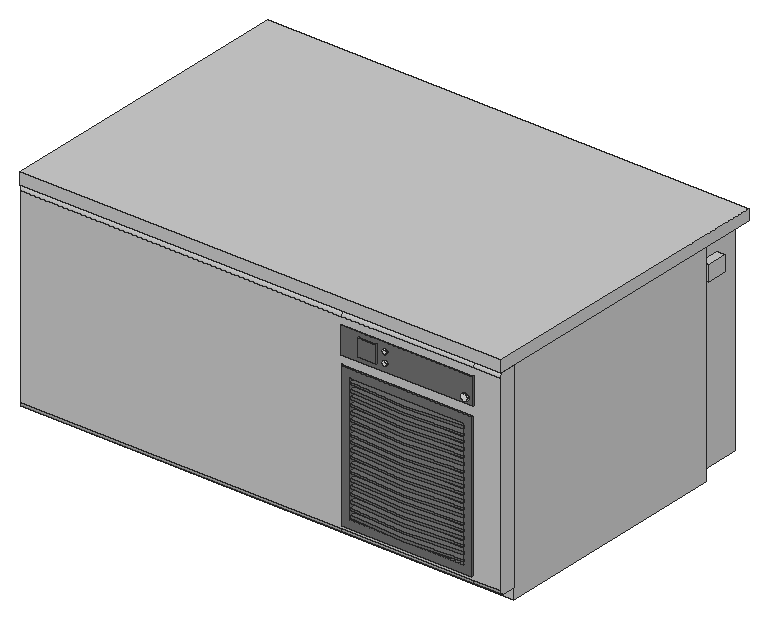
Revit family "QF_HOSHIZAKI_IM-240DSNE", category Specialty Equipment, Revit 2016
Family settings
  Part Type = Normal
  Round Connector Dimension = Use Diameter
  OmniClass Number = 23.40.40.14
  OmniClass Title = Food Service Equipment
  Work Plane-Based = No
  Always vertical = Yes
  Cut with Voids When Loaded = No
  Shared = No
  Room Calculation Point = No
Parameters (values of type "IM-240DSNE_240V/1Ph/60Hz")
  Weight = 88.00 kg
  Waste Remarks [instance] = ""
  Volts = 240 V
  URL Cutsheet = ""
  URL = "www.hoshizaki-europe.com"
  Status [instance] = ""
  Specification by User [instance] = ""
  Specification by Manufacturer [instance] = ""
  Serial Number = ""
  Seismic Rating = ""
  SMACNA No = ""
  Revision Code [instance] = ""
  Phase = 1
  Number of Poles = 2
  NAFEM Spec ID Number = ""
  Model = "IM-240DSNE"
  Min Ckt Ampacity = 0 A
  Max Overcurrent Protection = 0 A
  Masterspec = ""
  Manufacturer = "HOSHIZAKI"
  Length Actual = 1084 mm
  Item Number [instance] = ""
  Installed By [instance] = ""
  Indirect Waste Size = 19.05 mm
  Indirect Waste Connection Type [instance] = ""
  Indirect Waste Connection Height [instance] = 53 mm
  Identify Quantity as Lot [instance] = no
  Height Actual = 500 mm
  HP power = ""
  Furnished By [instance] = ""
  Foodservice Equipment Identifier [instance] = yes
  FL Amps = 20 A
  Electric power = 1330 W
  Electric Connection Type [instance] = ""
  Elec Conn RI Height [instance] = 0 mm
  Elec Conn Connection Height [instance] = 409 mm
  Direct Waste RI Height [instance] = 0 mm
  Description = "MODULAR IM ICE MAKER, 240KG PER 24 HOURS, LARGE CUBE, REMOTE CONDENSER"
  Depth Actual = 700 mm
  Cycle = 60 Hz
  Cost = 0
  Conn Plug = ""
  Conn Conduit = no
  Cold Water Temperature Recommended = 0 °C
  Cold Water Size = 19.05 mm
  Cold Water Flow = 0.0 L/s
  Cold Water Connection Height [instance] = 419 mm
  CSI MasterFormat = ""
  Assembly Code = "E1090320"
  Apparent Power = 1330 VA
  Accessory = no
Types (2, lengths in mm): name | Volts | Cycle
  IM-240DSNE_230V/1Ph/50Hz | 230 V | 50 Hz
  IM-240DSNE_240V/1Ph/60Hz | 240 V | 60 Hz
Reference planes
  plane 1 "Center (Front/Back)": y = 0
  plane 2: z = 0
  plane 3 "Center (Left/Right)": x = 0
Forms (mm)
  Extrusion 1, solid, not visible
    sketch origin (-16, -65, 418) x (1, 0, 0) y (0, 1, 0)
      loop
        line (0, 0) -> (2, 0) -> (2, 2) -> (0, 2) -> (0, 0)
    from 0 to 2
  Extrusion 2, solid, not visible
    sketch origin (-16, -213, 52) x (1, 0, 0) y (0, 1, 0)
      loop
        line (0, 0) -> (2, 0) -> (2, 2) -> (0, 2) -> (0, 0)
    from 0 to 2
  Extrusion 3, solid, not visible
    sketch origin (1073, -77, 408) x (1, 0, 0) y (0, 1, 0)
      loop
        line (0, 0) -> (2, 0) -> (2, 2) -> (0, 2) -> (0, 0)
    from 0 to 2
  Extrusion 4, solid, not visible
    sketch origin (-16, -65, 418) x (1, 0, 0) y (0, 1, 0)
      loop
        line (0, 0) -> (2, 0) -> (2, 2) -> (0, 2) -> (0, 0)
    from 0 to 2
  Extrusion 5, solid, not visible
    sketch origin (-16, -213, 52) x (1, 0, 0) y (0, 1, 0)
      loop
        line (0, 0) -> (2, 0) -> (2, 2) -> (0, 2) -> (0, 0)
    from 0 to 2
  Extrusion 6, solid, not visible
    sketch origin (1073, -77, 408) x (1, 0, 0) y (0, 1, 0)
      loop
        line (0, 0) -> (2, 0) -> (2, 2) -> (0, 2) -> (0, 0)
    from 0 to 2
Dimensions and locks
  aligned and locked: level to plane 2
Nested families
  nested 1: "QF_HOSHIZAKI_IM-240DSNE_230V_1Ph_50Hz" at (0, 0, 0), type "IM-240DSNE_230V/1Ph/50Hz"
    with Show Clearance yes
Connectors
  piping at (-15, -63, 419), diameter 19.05, driven by "Cold Water Size", driven by "Cold Water Flow"
    settings: on Extrusion 1, index 1, connector inside diameter 609.6 mm, connector length 0 mm, flow factor 0, pipe flow 0.0 L/s, pressure drop 0.0 Pa, fitting loss kfactor 0, connector angle 0.00°, fixture units 0, engagement length 0 mm, angle of deflection 0.00°, flow configuration 1, flow direction 1, fitting loss method 0, system type 20, joint type 0, gender type 0, connector reference index -1, connector utility 0, adjustable connector no, is connector primary yes, connector description "Cold Water connection for 'IM-240DSNE'"
  piping at (-15, -211, 53), diameter 19.05, driven by "Indirect Waste Size"
    settings: on Extrusion 2, index 2, connector inside diameter 609.6 mm, connector length 0 mm, flow factor 0, pipe flow 0.0 L/s, pressure drop 0.0 Pa, fitting loss kfactor 0, connector angle 0.00°, fixture units 0, engagement length 0 mm, angle of deflection 0.00°, flow configuration 1, flow direction 2, fitting loss method 0, system type 16, joint type 0, gender type 0, connector reference index -1, connector utility 0, adjustable connector no, is connector primary no, connector description "Drain connection for 'IM-240DSNE'"
  electrical at (1074, -75, 409), driven by "Apparent Power", driven by "Number of Poles", driven by "Volts"
    settings: on Extrusion 3, index 3, voltage 240 V, apparent load 0 VA, apparent load phase1 1330 VA, apparent load phase2 0 VA, apparent load phase3 0 VA, power factor 1, load classification "Other", number of poles 2, system type 31, power factor state 1, is connector primary yes, connector utility no, sub classification motor no, connector description "Electric connection for 'IM-240DSNE'"
  piping at (-15, -63, 419), diameter 19.05, driven by "Cold Water Size", driven by "Cold Water Flow"
    settings: on Extrusion 4, index 4, connector inside diameter 609.6 mm, connector length 0 mm, flow factor 0, pipe flow 0.0 L/s, pressure drop 0.0 Pa, fitting loss kfactor 0, connector angle 0.00°, fixture units 0, engagement length 0 mm, angle of deflection 0.00°, flow configuration 1, flow direction 1, fitting loss method 0, system type 20, joint type 0, gender type 0, connector reference index -1, connector utility 0, adjustable connector no, is connector primary no, connector description "Cold Water connection for 'IM-240DSNE'"
  piping at (-15, -211, 53), diameter 19.05, driven by "Indirect Waste Size"
    settings: on Extrusion 5, index 5, connector inside diameter 609.6 mm, connector length 0 mm, flow factor 0, pipe flow 0.0 L/s, pressure drop 0.0 Pa, fitting loss kfactor 0, connector angle 0.00°, fixture units 0, engagement length 0 mm, angle of deflection 0.00°, flow configuration 1, flow direction 2, fitting loss method 0, system type 16, joint type 0, gender type 0, connector reference index -1, connector utility 0, adjustable connector no, is connector primary no, connector description "Drain connection for 'IM-240DSNE'"
  electrical at (1074, -75, 409), driven by "Apparent Power", driven by "Number of Poles", driven by "Volts"
    settings: on Extrusion 6, index 6, voltage 240 V, apparent load 0 VA, apparent load phase1 1330 VA, apparent load phase2 0 VA, apparent load phase3 0 VA, power factor 1, load classification "Other", number of poles 2, system type 31, power factor state 1, is connector primary no, connector utility no, sub classification motor no, connector description "Electric connection for 'IM-240DSNE'"
Definition of nested family "QF_HOSHIZAKI_IM-240DSNE_230V_1Ph_50Hz"
  Parameters (values of type "IM-240DSNE_230V/1Ph/50Hz")
    Width = 1084 mm
    URL = "www.hoshizaki-europe.com"
    Show Clearance [instance] = yes
    Model = "IM-240DSNE"
    Manufacturer = "HOSHIZAKI"
    Height = 500 mm
    Description = "MODULAR IM ICE MAKER, 240KG PER 24 HOURS, LARGE CUBE, REMOTE CONDENSER"
    Depth = 700 mm
    Assembly Code = "E1090320"
  Types (31, lengths in mm): name | Width | Model | Height | Description | Depth
    IM-240DNE-HC | 1084 | "IM-240DNE-HC" | 500 | "EMERALD CLASS IM HYDROCARBON ICE MAKER, 210KG PER 24 HOURS, LARGE CUBE, MODULAR - HORIZONTAL" | 700
    IM-240XNE-HC | 1084 | "IM-240XNE-HC" | 500 | "EMERALD CLASS IM HYDROCARBON ICE MAKER, 210KG PER 24 HOURS, LARGE CUBE, MODULAR - EXTENSION" | 700
    IM-240DNE | 1084 | "IM-240DNE" | 500 | "MODULAR IM ICE MAKER, 240KG PER 24 HOURS, LARGE CUBE, MODULAR - HORIZONTAL" | 700
    IM-240DNE-21 | 1084 | "IM-240DNE-21" | 500 | "MODULAR IM ICE MAKER, 240KG PER 24 HOURS, EXTRA SMALL CUBE, MODULAR - HORIZONTAL" | 700
    IM-240DNE-23 | 1084 | "IM-240DNE-23" | 500 | "MODULAR IM ICE MAKER, 240KG PER 24 HOURS, MEDIUM CUBE, MODULAR - HORIZONTAL" | 700
    IM-240DNE-32 | 1084 | "IM-240DNE-32" | 500 | "MODULAR IM ICE MAKER, 240KG PER 24 HOURS, EXTRA LARGE CUBE, MODULAR - HORIZONTAL" | 700
    IM-240DSNE_230V/1Ph/50Hz | 1084 | "IM-240DSNE" | 500 | "MODULAR IM ICE MAKER, 240KG PER 24 HOURS, LARGE CUBE, REMOTE CONDENSER" | 700
    IM-240DSNE-23 | 1084 | "IM-240DSNE-23" | 500 | "MODULAR IM ICE MAKER, 240KG PER 24 HOURS, MEDIUM CUBE, REMOTE CONDENSER" | 700
    IM-240DWNE | 1084 | "IM-240DWNE" | 500 | "MODULAR IM ICE MAKER, 240KG PER 24 HOURS, LARGE CUBE, MODULAR - HORIZONTAL, WATER COOLED" | 700
    IM-240DWNE-21 | 1084 | "IM-240DWNE-21" | 500 | "MODULAR IM ICE MAKER, 240KG PER 24 HOURS, EXTRA SMALL CUBE, MODULAR - HORIZONTAL, WATER COOLED" | 700
    IM-240DWNE-23 | 1084 | "IM-240DWNE-23" | 500 | "MODULAR IM ICE MAKER, 240KG PER 24 HOURS, MEDIUM CUBE, MODULAR - HORIZONTAL, WATER COOLED" | 700
    IM-240DWNE-32 | 1084 | "IM-240DWNE-32" | 500 | "MODULAR IM ICE MAKER, 240KG PER 24 HOURS, EXTRA LARGE CUBE, MODULAR - HORIZONTAL, WATER COOLED" | 700
    IM-240XNE | 1084 | "IM-240XNE" | 500 | "MODULAR IM ICE MAKER, 240KG PER 24 HOURS, LARGE CUBE, MODULAR - EXTENSION" | 700
    IM-240XNE-21 | 1084 | "IM-240XNE-21" | 500 | "MODULAR IM ICE MAKER, 240KG PER 24 HOURS, EXTRA SMALL CUBE, MODULAR - EXTENSION" | 700
    IM-240XNE-23 | 1084 | "IM-240XNE-23" | 500 | "MODULAR IM ICE MAKER, 240KG PER 24 HOURS, MEDIUM CUBE, MODULAR - EXTENSION" | 700
    IM-240XNE-32 | 1084 | "IM-240XNE-32" | 500 | "MODULAR IM ICE MAKER, 240KG PER 24 HOURS, EXTRA LARGE CUBE, MODULAR - EXTENSION" | 700
    IM-240XSNE | 1084 | "IM-240XSNE" | 500 | "MODULAR IM ICE MAKER, 240KG PER 24 HOURS, LARGE CUBE, MODULAR - EXTENSION, REMOTE CONDENSER" | 700
    IM-240XSNE-23 | 1084 | "IM-240XSNE-23" | 500 | "MODULAR IM ICE MAKER, 240KG PER 24 HOURS, MEDIUM CUBE, MODULAR - EXTENSION, REMOTE CONDENSER" | 700
    IM-240XWNE | 1084 | "IM-240XWNE" | 500 | "MODULAR IM ICE MAKER, 240KG PER 24 HOURS, LARGE CUBE, MODULAR - EXTENSION, WATER COOLED" | 700
    IM-240XWNE-21 | 1084 | "IM-240XWNE-21" | 500 | "MODULAR IM ICE MAKER, 240KG PER 24 HOURS, EXTRA SMALL CUBE, MODULAR - EXTENSION, WATER COOLED" | 700
    IM-240XWNE-23 | 1084 | "IM-240XWNE-23" | 500 | "MODULAR IM ICE MAKER, 240KG PER 24 HOURS, MEDIUM CUBE, MODULAR - EXTENSION, WATER COOLED" | 700
    IM-240XWNE-32 | 1084 | "IM-240XWNE-32" | 500 | "MODULAR IM ICE MAKER, 240KG PER 24 HOURS, EXTRA LARGE CUBE, MODULAR - EXTENSION, WATER COOLED" | 700
    IM-240DNE-C | 1084 | "IM-240DNE-C" | 500 | "IM CYLINDER ICE MAKER, 240KG PER 24 HOURS, CYLINDER ICE, MODULAR - HORIZONTAL" | 700
    IM-240DWNE-C | 1084 | "IM-240DWNE-C" | 500 | "IM CYLINDER ICE MAKER, 240KG PER 24 HOURS, CYLINDER ICE, MODULAR - HORIZONTAL, WATER COOLED" | 700
    IM-240XNE-C | 1084 | "IM-240XNE-C" | 500 | "IM CYLINDER ICE MAKER, 240KG PER 24 HOURS, CYLINDER ICE, MODULAR - EXTENSION" | 700
    IM-240XWNE-C | 1084 | "IM-240XWNE-C" | 500 | "IM CYLINDER ICE MAKER, 240KG PER 24 HOURS, CYLINDER ICE, MODULAR - EXTENSION, WATER COOLED" | 700
    IM-240DNE-HC-23 | 1084 | "IM-240DNE-HC-23" | 500 | "EMERALD CLASS IM HYDROCARBON ICE MAKER, 180KG PER 24 HOURS, MEDIUM CUBE, MODULAR - EXTENSION" | 700
    IM-240DNE-HC-32 | 1084 | "IM-240DNE-HC-32" | 500 | "EMERALD CLASS IM HYDROCARBON ICE MAKER, 190KG PER 24 HOURS, EXTRA LARGE CUBE, MODULAR - EXTENSION" | 700
    IM-240XNE-HC-23 | 1082 | "IM-240XNE-HC-23" | 485 | "EMERALD CLASS IM HYDROCARBON ICE MAKER, 180KG PER 24 HOURS, MEDIUM CUBE, MODULAR - EXTENSION" | 697
    IM-240XNE-HC-32 | 1082 | "IM-240XNE-HC-32" | 485 | "EMERALD CLASS IM HYDROCARBON ICE MAKER, 190KG PER 24 HOURS, EXTRA LARGE CUBE, MODULAR - EXTENSION" | 697
    IM-240DNE-HC-21 | 1084 | "IM-240DNE-HC-21" | 500 | "EMERALD CLASS IM HYDROCARBON ICE MAKER, 205KG PER 24 HOURS, EXTRA SMALL CUBE, MODULAR - EXTENSION" | 700
  Reference planes
    plane 1 "Back": y = 0
    plane 2: z = 0
    plane 3 "Left": x = 0
    plane 4 "Right": x = 1084
    plane 5 "Front": y = -700
    plane 6 "Top": z = 500
    plane 7: y = -702
    plane 8: z = 488
  Forms (mm)
    Extrusion 1, solid
      sketch origin (166.25, -249, 193) x (0, 1, 0) y (0, 0, 1)
        loop
          line (-414, -170) -> (-414, 280) -> (-441, 280)
          arc (-441, 280) -> (-448.071, 277.071) -> (-451, 270) r 10
          line (-451, 270) -> (-451, -160)
          arc (-451, -160) -> (-448.071, -167.071) -> (-441, -170) r 10
          line (-441, -170) -> (-414, -170)
      from 559.75 to -166.25
    Extrusion 2, solid
      sketch origin (-20, -211, 53) x (0, 1, 0) y (0, 0, 1)
        loop
          circle (0, 0) r 14
        loop
          circle (0, 0) r 12
      from 0 to 20
    Extrusion 3, solid
      sketch origin (-16, -63, 419) x (0, 1, 0) y (0, 0, 1)
        loop
          circle (0, 0) r 14
        loop
          circle (0, 0) r 12
      from 0 to 16
    Extrusion 4, solid
      sketch origin (1024, -249, 193) x (0, 1, 0) y (0, 0, 1)
        loop
          line (-414, -170) -> (-414, 280) -> (-441, 280)
          arc (-441, 280) -> (-448.071, 277.071) -> (-451, 270) r 10
          line (-451, 270) -> (-451, -160)
          arc (-451, -160) -> (-448.071, -167.071) -> (-441, -170) r 10
          line (-441, -170) -> (-414, -170)
      from 0 to 60
    Extrusion 5, solid
      sketch origin (726, -249, 193) x (0, 1, 0) y (0, 0, 1)
        loop
          line (-414, -170) -> (-414, -153) -> (-451, -153) -> (-451, -160)
          arc (-451, -160) -> (-448.071, -167.071) -> (-441, -170) r 10
          line (-441, -170) -> (-414, -170)
        loop
          line (-451, 270) -> (-451, 174) -> (-414, 174) -> (-414, 280) -> (-441, 280)
          arc (-441, 280) -> (-448.071, 277.071) -> (-451, 270) r 10
      from 0 to 298
    Extrusion 6, solid
      sketch origin (568.75, -852, 28) x (1, 0, 0) y (0, 0, 1)
        loop
          line (159.25, 337) -> (159.25, 14) -> (453.25, 14) -> (453.25, 337) -> (159.25, 337)
        loop
          line (177.25, 319) -> (177.25, 32) -> (435.25, 32) -> (435.25, 319) -> (177.25, 319)
      from -150 to -160
    Extrusion 7, solid
      sketch origin (568.75, -249, 170) x (1, 0, 0) y (0, 1, 0)
        loop
          line (177.25, -443) -> (177.25, -454.474)
          arc (177.25, -454.474) -> (306.295, -461.632) -> (435.25, -453) r 1057.927
          line (435.25, -453) -> (435.25, -443) -> (177.25, -443)
      from 0 to 5
    Extrusion 8, solid
      sketch origin (568.75, -249, 185) x (1, 0, 0) y (0, 1, 0)
        loop
          line (177.25, -443) -> (177.25, -454.474)
          arc (177.25, -454.474) -> (306.295, -461.632) -> (435.25, -453) r 1057.927
          line (435.25, -453) -> (435.25, -443) -> (177.25, -443)
      from 0 to 5
    Extrusion 9, solid
      sketch origin (568.75, -249, 200) x (1, 0, 0) y (0, 1, 0)
        loop
          line (177.25, -443) -> (177.25, -454.474)
          arc (177.25, -454.474) -> (306.295, -461.632) -> (435.25, -453) r 1057.927
          line (435.25, -453) -> (435.25, -443) -> (177.25, -443)
      from 0 to 5
    Extrusion 10, solid
      sketch origin (568.75, -249, 215) x (1, 0, 0) y (0, 1, 0)
        loop
          line (177.25, -443) -> (177.25, -454.474)
          arc (177.25, -454.474) -> (306.295, -461.632) -> (435.25, -453) r 1057.927
          line (435.25, -453) -> (435.25, -443) -> (177.25, -443)
      from 0 to 5
    Extrusion 11, solid
      sketch origin (568.75, -249, 230) x (1, 0, 0) y (0, 1, 0)
        loop
          line (177.25, -443) -> (177.25, -454.474)
          arc (177.25, -454.474) -> (306.295, -461.632) -> (435.25, -453) r 1057.927
          line (435.25, -453) -> (435.25, -443) -> (177.25, -443)
      from 0 to 5
    Extrusion 12, solid
      sketch origin (568.75, -249, 245) x (1, 0, 0) y (0, 1, 0)
        loop
          line (177.25, -443) -> (177.25, -454.474)
          arc (177.25, -454.474) -> (306.295, -461.632) -> (435.25, -453) r 1057.927
          line (435.25, -453) -> (435.25, -443) -> (177.25, -443)
      from 0 to 5
    Extrusion 13, solid
      sketch origin (568.75, -249, 260) x (1, 0, 0) y (0, 1, 0)
        loop
          line (177.25, -443) -> (177.25, -454.474)
          arc (177.25, -454.474) -> (306.295, -461.632) -> (435.25, -453) r 1057.927
          line (435.25, -453) -> (435.25, -443) -> (177.25, -443)
      from 0 to 5
    Extrusion 14, solid
      sketch origin (568.75, -249, 275) x (1, 0, 0) y (0, 1, 0)
        loop
          line (177.25, -443) -> (177.25, -454.474)
          arc (177.25, -454.474) -> (306.295, -461.632) -> (435.25, -453) r 1057.927
          line (435.25, -453) -> (435.25, -443) -> (177.25, -443)
      from 0 to 5
    Extrusion 15, solid
      sketch origin (568.75, -249, 290) x (1, 0, 0) y (0, 1, 0)
        loop
          line (177.25, -443) -> (177.25, -454.474)
          arc (177.25, -454.474) -> (306.295, -461.632) -> (435.25, -453) r 1057.927
          line (435.25, -453) -> (435.25, -443) -> (177.25, -443)
      from 0 to 5
    Extrusion 16, solid
      sketch origin (568.75, -249, 305) x (1, 0, 0) y (0, 1, 0)
        loop
          line (177.25, -443) -> (177.25, -454.474)
          arc (177.25, -454.474) -> (306.295, -461.632) -> (435.25, -453) r 1057.927
          line (435.25, -453) -> (435.25, -443) -> (177.25, -443)
      from 0 to 5
    Extrusion 17, solid
      sketch origin (568.75, -249, 320) x (1, 0, 0) y (0, 1, 0)
        loop
          line (177.25, -443) -> (177.25, -454.474)
          arc (177.25, -454.474) -> (306.295, -461.632) -> (435.25, -453) r 1057.927
          line (435.25, -453) -> (435.25, -443) -> (177.25, -443)
      from 0 to 5
    Extrusion 18, solid
      sketch origin (568.75, -249, 335) x (1, 0, 0) y (0, 1, 0)
        loop
          line (177.25, -443) -> (177.25, -454.474)
          arc (177.25, -454.474) -> (306.295, -461.632) -> (435.25, -453) r 1057.927
          line (435.25, -453) -> (435.25, -443) -> (177.25, -443)
      from 0 to 5
    Extrusion 19, solid
      sketch origin (568.75, -249, 110) x (1, 0, 0) y (0, 1, 0)
        loop
          line (177.25, -443) -> (177.25, -454.474)
          arc (177.25, -454.474) -> (306.295, -461.632) -> (435.25, -453) r 1057.927
          line (435.25, -453) -> (435.25, -443) -> (177.25, -443)
      from 0 to 5
    Extrusion 20, solid
      sketch origin (568.75, -249, 125) x (1, 0, 0) y (0, 1, 0)
        loop
          line (177.25, -443) -> (177.25, -454.474)
          arc (177.25, -454.474) -> (306.295, -461.632) -> (435.25, -453) r 1057.927
          line (435.25, -453) -> (435.25, -443) -> (177.25, -443)
      from 0 to 5
    Extrusion 21, solid
      sketch origin (568.75, -249, 140) x (1, 0, 0) y (0, 1, 0)
        loop
          line (177.25, -443) -> (177.25, -454.474)
          arc (177.25, -454.474) -> (306.295, -461.632) -> (435.25, -453) r 1057.927
          line (435.25, -453) -> (435.25, -443) -> (177.25, -443)
      from 0 to 5
    Extrusion 22, solid
      sketch origin (568.75, -249, 155) x (1, 0, 0) y (0, 1, 0)
        loop
          line (177.25, -443) -> (177.25, -454.474)
          arc (177.25, -454.474) -> (306.295, -461.632) -> (435.25, -453) r 1057.927
          line (435.25, -453) -> (435.25, -443) -> (177.25, -443)
      from 0 to 5
    Extrusion 23, solid
      sketch origin (568.75, -249, 65) x (1, 0, 0) y (0, 1, 0)
        loop
          line (177.25, -443) -> (177.25, -454.474)
          arc (177.25, -454.474) -> (306.295, -461.632) -> (435.25, -453) r 1057.927
          line (435.25, -453) -> (435.25, -443) -> (177.25, -443)
      from 0 to 5
    Extrusion 24, solid
      sketch origin (568.75, -249, 80) x (1, 0, 0) y (0, 1, 0)
        loop
          line (177.25, -443) -> (177.25, -454.474)
          arc (177.25, -454.474) -> (306.295, -461.632) -> (435.25, -453) r 1057.927
          line (435.25, -453) -> (435.25, -443) -> (177.25, -443)
      from 0 to 5
    Extrusion 25, solid
      sketch origin (568.75, -249, 95) x (1, 0, 0) y (0, 1, 0)
        loop
          line (177.25, -443) -> (177.25, -454.474)
          arc (177.25, -454.474) -> (306.295, -461.632) -> (435.25, -453) r 1057.927
          line (435.25, -453) -> (435.25, -443) -> (177.25, -443)
      from 0 to 5
    Extrusion 26, solid
      sketch origin (0, -700, -10) x (1, 0, 0) y (0, 0, 1)
        loop
          line (726, 397) -> (1024, 397) -> (1024, 457) -> (726, 457) -> (726, 397)
      from 0 to 2
    Extrusion 27, solid
      sketch origin (0, -702, 0) x (1, 0, 0) y (0, 0, 1)
        loop
          line (766.139, 436.277) -> (766.139, 396.277) -> (806.139, 396.277) -> (806.139, 436.277) -> (766.139, 436.277)
      from 0 to 2
    Extrusion 28, solid
      sketch origin (0, -702, 0) x (1, 0, 0) y (0, 0, 1)
        loop
          circle (825.63, 428.086) r 5
        loop
          circle (825.63, 404.468) r 5
      from 0 to 2
    Extrusion 29, solid
      sketch origin (0, -702, 0) x (1, 0, 0) y (0, 0, 1)
        loop
          circle (1006.481, 399.95) r 7.5
      from 3 to 0
    Extrusion 30, solid
      sketch origin (0, 0, 0) x (1, 0, 0) y (0, 1, 0)
        loop
          line (0, 0) -> (0, -663) -> (1084, -663) -> (1084, -120) -> (1054, -120) -> (1054, 0) -> (0, 0)
      from 0 to 475
    Extrusion 31, solid
      sketch origin (0, 0, 0) x (1, 0, 0) y (0, 1, 0)
        loop
          line (0, 0) -> (0, -700) -> (1084, -700) -> (1084, 0) -> (0, 0)
      from 500 to 475
    Extrusion 32, solid
      sketch origin (1254, 1.923, 57.766) x (0, 1, 0) y (0, 0, 1)
        loop
          line (-101.026, 368.734) -> (-101.026, 333.734) -> (-54.923, 333.734) -> (-54.923, 368.734) -> (-101.026, 368.734)
      from -180 to -200
  Cuts and joins
    joined: Extrusion 1, Extrusion 4, Extrusion 5
  Lines and regions (mm)
    symbolic lines
      curve 1: line (0, 0, 0) -> (1084, 0, 0)
      curve 2: line (0, -700, 0) -> (0, 0, 0)
      curve 3: line (1084, -700, 0) -> (0, -700, 0)
      curve 4: line (1084, 0, 0) -> (1084, -700, 0)
      curve 5: line (-16, -49, 0) -> (0, -49, 0)
      curve 6: line (-16, -49, 0) -> (-16, -77, 0)
      curve 7: line (-16, -77, 0) -> (0, -77, 0)
      curve 8: line (-20, -197, 0) -> (0, -197, 0)
      curve 9: line (-20, -197, 0) -> (-20, -225, 0)
      curve 10: line (-20, -225, 0) -> (0, -225, 0)
  Dimensions and locks
    plane 5 "Front" to Extrusion 30 = 700 mm
    locked: Extrusion 30 sketch curve to curve 4 at 30
    locked: Extrusion 30 to Extrusion 32 at 20
    "Width": plane 4 "Right" to plane 3 "Left"
    locked: Extrusion 28 to Extrusion 27 at 2
    locked: plane 5 "Front" to Extrusion 26 at 2
    Extrusion 29 to Extrusion 28 = 0 mm
    locked: plane 5 "Front" to Extrusion 6 at 8
    locked: plane 7 to plane 5 "Front" at 2
    "Depth": plane 5 "Front" to plane 1 "Back"
    locked: plane 5 "Front" to Extrusion 29 at 5
    locked: Extrusion 31 to plane 6 "Top" at 25
    cut or joined group of Extrusion 1, Extrusion 4, Extrusion 5 to plane 8 to plane 6 "Top" = 15 mm, 12 mm
    "Height": plane 6 "Top" to level
    aligned and locked: level to plane 2
    aligned and locked: Extrusion 31 to plane 4 "Right"
    aligned and locked: Extrusion 32 to Extrusion 30
    aligned and locked: Extrusion 4 to plane 4 "Right"
    aligned and locked: Extrusion 4 to Extrusion 5  (x2)
    aligned and locked: plane 4 "Right" to curve 4
    aligned and locked: Extrusion 31 to plane 5 "Front"
    aligned and locked: Extrusion 1 sketch curve to plane 5 "Front"
    aligned and locked: Extrusion 27 to Extrusion 26
    aligned and locked: plane 5 "Front" to Extrusion 26
    aligned and locked: Extrusion 28 to Extrusion 26
    aligned and locked: plane 7 to Extrusion 6
    aligned and locked: Extrusion 29 to Extrusion 26
    aligned and locked: plane 6 "Top" to Extrusion 31
    aligned and locked: Extrusion 30 to Extrusion 31
  Automatic sketch dimensions
    Extrusion 2 sketch curve to Extrusion 2 sketch curve = 0 mm  (x2)
    level to Extrusion 2 sketch curve = 53 mm
    plane 1 "Back" to Extrusion 2 sketch curve = 211 mm
    Extrusion 3 sketch curve to Extrusion 3 sketch curve = 0 mm  (x2)
    plane 1 "Back" to Extrusion 3 sketch curve = 63 mm
    Extrusion 3 sketch curve to plane 6 "Top" = 81 mm
    Extrusion 4 sketch curve to plane 5 "Front" = 0 mm
    Extrusion 4 sketch curve to Extrusion 4 sketch curve = 10 mm
    plane 5 "Front" to Extrusion 4 sketch curve = 10 mm
    Extrusion 4 sketch curve to Extrusion 4 sketch curve = 27 mm
    level to Extrusion 4 sketch curve = 23 mm
    Extrusion 4 sketch curve to plane 6 "Top" = 37 mm
    Extrusion 5 sketch curve to plane 5 "Front" = 0 mm  (x2)
    plane 5 "Front" to Extrusion 5 sketch curve = 10 mm  (x2)
    Extrusion 5 sketch curve to Extrusion 5 sketch curve = 27 mm  (x2)
    level to Extrusion 5 sketch curve = 23 mm
    Extrusion 5 sketch curve to Extrusion 5 sketch curve = 7 mm
    Extrusion 5 sketch curve to plane 6 "Top" = 133 mm
    Extrusion 5 sketch curve to plane 6 "Top" = 37 mm
    level to Extrusion 6 sketch curve = 42 mm
    plane 4 "Right" to Extrusion 6 sketch curve = 356 mm
    Extrusion 6 sketch curve to Extrusion 6 sketch curve = 18 mm  (x4)
    plane 4 "Right" to Extrusion 6 sketch curve = 80 mm
    Extrusion 6 sketch curve to plane 6 "Top" = 153 mm
    plane 5 "Front" to Extrusion 7 sketch curve = 8 mm
    plane 4 "Right" to Extrusion 7 sketch curve = 338 mm
    plane 4 "Right" to Extrusion 7 sketch curve = 215 mm
    plane 4 "Right" to Extrusion 7 sketch curve = 80 mm
    Extrusion 7 sketch curve to plane 5 "Front" = 2 mm
    Extrusion 7 sketch curve to Extrusion 7 sketch curve = 11.474 mm
    plane 5 "Front" to Extrusion 8 sketch curve = 8 mm
    plane 4 "Right" to Extrusion 8 sketch curve = 338 mm
    plane 4 "Right" to Extrusion 8 sketch curve = 215 mm
    plane 4 "Right" to Extrusion 8 sketch curve = 80 mm
    Extrusion 8 sketch curve to plane 5 "Front" = 2 mm
    Extrusion 8 sketch curve to Extrusion 8 sketch curve = 11.474 mm
    plane 5 "Front" to Extrusion 9 sketch curve = 8 mm
    plane 4 "Right" to Extrusion 9 sketch curve = 338 mm
    plane 4 "Right" to Extrusion 9 sketch curve = 215 mm
    plane 4 "Right" to Extrusion 9 sketch curve = 80 mm
    Extrusion 9 sketch curve to plane 5 "Front" = 2 mm
    Extrusion 9 sketch curve to Extrusion 9 sketch curve = 11.474 mm
    plane 5 "Front" to Extrusion 10 sketch curve = 8 mm
    plane 4 "Right" to Extrusion 10 sketch curve = 338 mm
    plane 4 "Right" to Extrusion 10 sketch curve = 215 mm
    plane 4 "Right" to Extrusion 10 sketch curve = 80 mm
    Extrusion 10 sketch curve to plane 5 "Front" = 2 mm
    Extrusion 10 sketch curve to Extrusion 10 sketch curve = 11.474 mm
    plane 5 "Front" to Extrusion 11 sketch curve = 8 mm
    plane 4 "Right" to Extrusion 11 sketch curve = 338 mm
    plane 4 "Right" to Extrusion 11 sketch curve = 215 mm
    plane 4 "Right" to Extrusion 11 sketch curve = 80 mm
    Extrusion 11 sketch curve to plane 5 "Front" = 2 mm
    Extrusion 11 sketch curve to Extrusion 11 sketch curve = 11.474 mm
    plane 5 "Front" to Extrusion 12 sketch curve = 8 mm
    plane 4 "Right" to Extrusion 12 sketch curve = 338 mm
    plane 4 "Right" to Extrusion 12 sketch curve = 215 mm
    plane 4 "Right" to Extrusion 12 sketch curve = 80 mm
    Extrusion 12 sketch curve to plane 5 "Front" = 2 mm
    Extrusion 12 sketch curve to Extrusion 12 sketch curve = 11.474 mm
    plane 5 "Front" to Extrusion 13 sketch curve = 8 mm
    plane 4 "Right" to Extrusion 13 sketch curve = 338 mm
    plane 4 "Right" to Extrusion 13 sketch curve = 215 mm
    plane 4 "Right" to Extrusion 13 sketch curve = 80 mm
    Extrusion 13 sketch curve to plane 5 "Front" = 2 mm
    Extrusion 13 sketch curve to Extrusion 13 sketch curve = 11.474 mm
    plane 5 "Front" to Extrusion 14 sketch curve = 8 mm
    plane 4 "Right" to Extrusion 14 sketch curve = 338 mm
    plane 4 "Right" to Extrusion 14 sketch curve = 215 mm
    plane 4 "Right" to Extrusion 14 sketch curve = 80 mm
    Extrusion 14 sketch curve to plane 5 "Front" = 2 mm
    Extrusion 14 sketch curve to Extrusion 14 sketch curve = 11.474 mm
    plane 5 "Front" to Extrusion 15 sketch curve = 8 mm
    plane 4 "Right" to Extrusion 15 sketch curve = 338 mm
    plane 4 "Right" to Extrusion 15 sketch curve = 215 mm
    plane 4 "Right" to Extrusion 15 sketch curve = 80 mm
    Extrusion 15 sketch curve to plane 5 "Front" = 2 mm
    Extrusion 15 sketch curve to Extrusion 15 sketch curve = 11.474 mm
    plane 5 "Front" to Extrusion 16 sketch curve = 8 mm
    plane 4 "Right" to Extrusion 16 sketch curve = 338 mm
    plane 4 "Right" to Extrusion 16 sketch curve = 215 mm
    plane 4 "Right" to Extrusion 16 sketch curve = 80 mm
    Extrusion 16 sketch curve to plane 5 "Front" = 2 mm
    Extrusion 16 sketch curve to Extrusion 16 sketch curve = 11.474 mm
    plane 5 "Front" to Extrusion 17 sketch curve = 8 mm
    plane 4 "Right" to Extrusion 17 sketch curve = 338 mm
    plane 4 "Right" to Extrusion 17 sketch curve = 215 mm
    plane 4 "Right" to Extrusion 17 sketch curve = 80 mm
    Extrusion 17 sketch curve to plane 5 "Front" = 2 mm
    Extrusion 17 sketch curve to Extrusion 17 sketch curve = 11.474 mm
    plane 5 "Front" to Extrusion 18 sketch curve = 8 mm
    plane 4 "Right" to Extrusion 18 sketch curve = 338 mm
    plane 4 "Right" to Extrusion 18 sketch curve = 215 mm
    plane 4 "Right" to Extrusion 18 sketch curve = 80 mm
    Extrusion 18 sketch curve to plane 5 "Front" = 2 mm
    Extrusion 18 sketch curve to Extrusion 18 sketch curve = 11.474 mm
    plane 5 "Front" to Extrusion 19 sketch curve = 8 mm
    plane 4 "Right" to Extrusion 19 sketch curve = 338 mm
    plane 4 "Right" to Extrusion 19 sketch curve = 215 mm
    plane 4 "Right" to Extrusion 19 sketch curve = 80 mm
    Extrusion 19 sketch curve to plane 5 "Front" = 2 mm
    Extrusion 19 sketch curve to Extrusion 19 sketch curve = 11.474 mm
    plane 5 "Front" to Extrusion 20 sketch curve = 8 mm
    plane 4 "Right" to Extrusion 20 sketch curve = 338 mm
    plane 4 "Right" to Extrusion 20 sketch curve = 215 mm
    plane 4 "Right" to Extrusion 20 sketch curve = 80 mm
    Extrusion 20 sketch curve to plane 5 "Front" = 2 mm
    Extrusion 20 sketch curve to Extrusion 20 sketch curve = 11.474 mm
    plane 5 "Front" to Extrusion 21 sketch curve = 8 mm
    plane 4 "Right" to Extrusion 21 sketch curve = 338 mm
    plane 4 "Right" to Extrusion 21 sketch curve = 215 mm
    plane 4 "Right" to Extrusion 21 sketch curve = 80 mm
    Extrusion 21 sketch curve to plane 5 "Front" = 2 mm
    Extrusion 21 sketch curve to Extrusion 21 sketch curve = 11.474 mm
    plane 5 "Front" to Extrusion 22 sketch curve = 8 mm
    plane 4 "Right" to Extrusion 22 sketch curve = 338 mm
    plane 4 "Right" to Extrusion 22 sketch curve = 215 mm
    plane 4 "Right" to Extrusion 22 sketch curve = 80 mm
    Extrusion 22 sketch curve to plane 5 "Front" = 2 mm
    Extrusion 22 sketch curve to Extrusion 22 sketch curve = 11.474 mm
    plane 5 "Front" to Extrusion 23 sketch curve = 8 mm
    plane 4 "Right" to Extrusion 23 sketch curve = 338 mm
    plane 4 "Right" to Extrusion 23 sketch curve = 215 mm
    plane 4 "Right" to Extrusion 23 sketch curve = 80 mm
    Extrusion 23 sketch curve to plane 5 "Front" = 2 mm
    Extrusion 23 sketch curve to Extrusion 23 sketch curve = 11.474 mm
    plane 5 "Front" to Extrusion 24 sketch curve = 8 mm
    plane 4 "Right" to Extrusion 24 sketch curve = 338 mm
    plane 4 "Right" to Extrusion 24 sketch curve = 215 mm
    plane 4 "Right" to Extrusion 24 sketch curve = 80 mm
    Extrusion 24 sketch curve to plane 5 "Front" = 2 mm
    Extrusion 24 sketch curve to Extrusion 24 sketch curve = 11.474 mm
    plane 5 "Front" to Extrusion 25 sketch curve = 8 mm
    plane 4 "Right" to Extrusion 25 sketch curve = 338 mm
    plane 4 "Right" to Extrusion 25 sketch curve = 215 mm
    plane 4 "Right" to Extrusion 25 sketch curve = 80 mm
    Extrusion 25 sketch curve to plane 5 "Front" = 2 mm
    Extrusion 25 sketch curve to Extrusion 25 sketch curve = 11.474 mm
    Extrusion 26 sketch curve to plane 6 "Top" = 53 mm
    plane 4 "Right" to Extrusion 26 sketch curve = 358 mm
    plane 4 "Right" to Extrusion 26 sketch curve = 60 mm
    Extrusion 26 sketch curve to Extrusion 26 sketch curve = 60 mm
    Extrusion 27 sketch curve to plane 6 "Top" = 103.723 mm
    plane 4 "Right" to Extrusion 27 sketch curve = 317.861 mm
    Extrusion 27 sketch curve to Extrusion 27 sketch curve = 40 mm  (x2)
    Extrusion 28 sketch curve to plane 6 "Top" = 95.532 mm
    plane 4 "Right" to Extrusion 28 sketch curve = 258.37 mm
    Extrusion 28 sketch curve to Extrusion 28 sketch curve = 0 mm
    Extrusion 28 sketch curve to Extrusion 28 sketch curve = 23.618 mm
    plane 4 "Right" to Extrusion 29 sketch curve = 77.519 mm
    Extrusion 29 sketch curve to plane 6 "Top" = 100.05 mm
    Extrusion 30 sketch curve to plane 3 "Left" = 0 mm
    Extrusion 30 sketch curve to plane 4 "Right" = 0 mm
    plane 1 "Back" to Extrusion 30 sketch curve = 0 mm
    plane 1 "Back" to Extrusion 30 sketch curve = 120 mm
    plane 5 "Front" to Extrusion 30 sketch curve = 37 mm
    Extrusion 31 sketch curve to plane 3 "Left" = 0 mm
    Extrusion 31 sketch curve to plane 4 "Right" = 0 mm
    Extrusion 31 sketch curve to plane 5 "Front" = 0 mm
    plane 1 "Back" to Extrusion 31 sketch curve = 0 mm
    plane 1 "Back" to Extrusion 32 sketch curve = 99.103 mm
    Extrusion 32 sketch curve to Extrusion 32 sketch curve = 46.103 mm
    Extrusion 32 sketch curve to plane 6 "Top" = 108.5 mm
    Extrusion 32 sketch curve to Extrusion 32 sketch curve = 35 mm
    curve 5 to plane 3 "Left" = 0 mm
    curve 3 to plane 5 "Front" = 0 mm
    plane 1 "Back" to curve 2 = 0 mm
    curve 6 to plane 3 "Left" = 16 mm
    curve 8 to plane 3 "Left" = 20 mm
    plane 1 "Back" to curve 9 = 225 mm
    curve 9 to curve 9 = 28 mm
    plane 1 "Back" to curve 6 = 77 mm
    curve 6 to curve 5 = 28 mm
    plane 5 "Front" to Extrusion 1 sketch curve = 10 mm  (x2)
    Extrusion 1 sketch curve to Extrusion 1 sketch curve = 27 mm
    level to Extrusion 1 sketch curve = 23 mm
    Extrusion 1 sketch curve to plane 6 "Top" = 37 mm
    radius of Extrusion 2 sketch curve = 14 mm
    radius of Extrusion 2 sketch curve = 12 mm
    radius of Extrusion 3 sketch curve = 14 mm
    radius of Extrusion 3 sketch curve = 12 mm
    radius of Extrusion 28 sketch curve = 5 mm  (x2)
    radius of Extrusion 29 sketch curve = 7.5 mm
  Connectors
    piping at (-20, -211, 53), diameter 19.05
      settings: on Extrusion 2, index 1, connector inside diameter 609.6 mm, connector length 0 mm, flow factor 0, pipe flow 0.0 L/s, pressure drop 0.0 Pa, fitting loss kfactor 0, connector angle 0.00°, fixture units 0, engagement length 0 mm, angle of deflection 0.00°, flow configuration 1, flow direction 2, fitting loss method 0, system type 16, joint type 0, gender type 0, connector reference index -1, connector utility 0, adjustable connector no, is connector primary yes, connector description "Indirect Waste Connection"
    piping at (-16, -63, 419), diameter 19.05
      settings: on Extrusion 3, index 3, connector inside diameter 609.6 mm, connector length 0 mm, flow factor 0, pipe flow 0.0 L/s, pressure drop 0.0 Pa, fitting loss kfactor 0, connector angle 0.00°, fixture units 0, engagement length 0 mm, angle of deflection 0.00°, flow configuration 1, flow direction 1, fitting loss method 0, system type 20, joint type 0, gender type 0, connector reference index -1, connector utility 0, adjustable connector no, is connector primary no, connector description "Cold Water Connection"
    electrical at (1064, -53, 409)
      settings: on Extrusion 32, index 4, voltage 230 V, apparent load 0 VA, apparent load phase1 930 VA, apparent load phase2 0 VA, apparent load phase3 0 VA, power factor 1, load classification none, number of poles 1, system type 31, power factor state 1, is connector primary yes, connector utility no, sub classification motor no, connector description "Electrical Connection"
